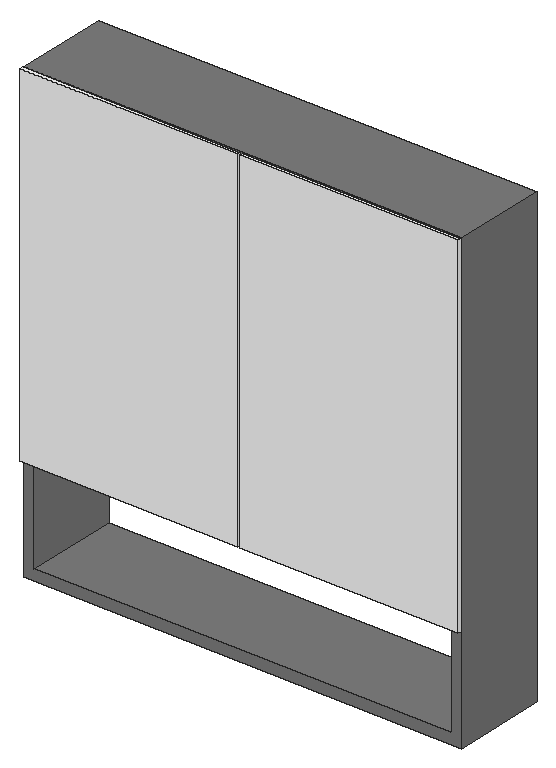
Revit family "Life Mirror Cabinet_", category Casework, Revit 2012
Parameters (values of type "2000-5003")
  URL = "www.korpinen.com"
  Model = "2000-5003 Life MIrror Cabinet"
  Material = Glossy Grey
  Manufacturer = "Korpinen Oy"
  Istallation Height [instance] = 1170 mm
  Depth = 0 mm
  Height = 730 mm
  Width = 0 mm
Reference planes
  plane 1 "Back": y = 0
  plane 2: z = 0
  plane 3 "Center (Left/Right)": x = 44.7
  plane 4 "Bottom": z = 1170
  plane 5: z = 1900
Forms (mm)
  Extrusion 1, solid, material "Glossy Grey" <- "Material"
    sketch origin (-85.265, 0, 0) x (1, 0, 0) y (0, 1, 0)
      loop
        line (-220.035, 0) -> (-220.035, -150) -> (-204.035, -150) -> (-204.035, 0) -> (-220.035, 0)
      loop
        line (479.965, 0) -> (463.965, 0) -> (463.965, -150) -> (479.965, -150) -> (479.965, 0)
    from 1170 to 1900
  Extrusion 2, solid, material "Mirror"
    sketch origin (16.142, -14.142, 0) x (1, 0, 0) y (0, 1, 0)
      loop
        line (378.558, -137.858) -> (30.558, -137.858) -> (30.558, -142.858) -> (378.558, -142.858) -> (378.558, -137.858)
      loop
        line (-321.442, -137.858) -> (-321.442, -142.858) -> (26.558, -142.858) -> (26.558, -137.858) -> (-321.442, -137.858)
    from 1338 to 1900
  Extrusion 3, solid, material "Glossy Grey" <- "Material"
    sketch origin (0, 0, 1170) x (0, -1, 0) y (1, 0, 0)
      loop
        line (150, -289.3) -> (150, 378.7) -> (0, 378.7) -> (0, -289.3) -> (150, -289.3)
    from 0 to 16
  Extrusion 4, solid, material "Glossy Grey" <- "Material"
    sketch origin (0, 0, 1884) x (0, -1, 0) y (1, 0, 0)
      loop
        line (150, -289.3) -> (150, 378.7) -> (0, 378.7) -> (0, -289.3) -> (150, -289.3)
    from 0 to 16
  Extrusion 5, solid, material "Glossy Grey" <- "Material"
    sketch origin (0, 0, 1339) x (0, -1, 0) y (1, 0, 0)
      loop
        line (150, -289.3) -> (150, 378.7) -> (0, 378.7) -> (0, -289.3) -> (150, -289.3)
    from -1 to 15
Cuts and joins
  joined: Extrusion 1, Extrusion 3, Extrusion 4, Extrusion 5
Lines and regions (mm)
  symbolic lines, style "Above Cutting Plane"
    curve 1: line (394.7, 0, 0) -> (394.7, -157, 0)
    curve 2: line (394.7, -157, 0) -> (-305.3, -157, 0)
    curve 3: line (-305.3, -157, 0) -> (-305.3, 0, 0)
  symbolic lines, style "Above Cutting Plane", detail levels fine
    curve 4: line (-305.3, -157, 0) -> (-11.765, -347.624, 0)
    curve 5: arc (-11.765, -347.624, 0) -> (30.287, -256.405, 0) -> (44.7, -157, 0) r 350
    curve 6: line (394.7, -157, 0) -> (101.166, -347.624, 0)
    curve 7: arc (101.166, -347.624, 0) -> (59.113, -256.405, 0) -> (44.7, -157, 0) r 350
Dimensions and locks
  "Istallation Height": level to plane 4 "Bottom"
  "Height": plane 4 "Bottom" to plane 5
  locked: Extrusion 2 to plane 5 at 562
  cut or joined group of Extrusion 1, Extrusion 3, Extrusion 4, Extrusion 5 to cut or joined group of Extrusion 1, Extrusion 3, Extrusion 4, Extrusion 5 to cut or joined group of Extrusion 1, Extrusion 3, Extrusion 4, Extrusion 5 to plane 5 = 16 mm locked, 530 mm locked, 16 mm locked
  locked: plane 4 "Bottom" to cut or joined group of Extrusion 1, Extrusion 3, Extrusion 4, Extrusion 5 at 16
  aligned and locked: level to plane 2
  aligned and locked: plane 4 "Bottom" to Extrusion 1
  aligned and locked: Extrusion 2 to Extrusion 1
  aligned and locked: Extrusion 1 to plane 5
  aligned and locked: Extrusion 5 to Extrusion 2
  aligned and locked: Extrusion 4 to Extrusion 1
Automatic sketch dimensions
  plane 1 "Back" to Extrusion 2 sketch curve = 157 mm  (x2)
  Extrusion 2 sketch curve to plane 3 "Center (Left/Right)" = 350 mm
  Extrusion 2 sketch curve to plane 3 "Center (Left/Right)" = 2 mm
  plane 3 "Center (Left/Right)" to Extrusion 2 sketch curve = 2 mm
  Extrusion 2 sketch curve to Extrusion 2 sketch curve = 348 mm
  Extrusion 2 sketch curve to Extrusion 2 sketch curve = 5 mm  (x2)
  plane 1 "Back" to Extrusion 3 sketch curve = 0 mm
  Extrusion 3 sketch curve to Extrusion 3 sketch curve = 150 mm
  Extrusion 3 sketch curve to plane 3 "Center (Left/Right)" = 334 mm
  plane 3 "Center (Left/Right)" to Extrusion 3 sketch curve = 334 mm
  plane 1 "Back" to Extrusion 4 sketch curve = 0 mm
  Extrusion 4 sketch curve to Extrusion 4 sketch curve = 150 mm
  Extrusion 4 sketch curve to plane 3 "Center (Left/Right)" = 334 mm
  plane 3 "Center (Left/Right)" to Extrusion 4 sketch curve = 334 mm
  plane 1 "Back" to Extrusion 5 sketch curve = 0 mm
  Extrusion 5 sketch curve to Extrusion 5 sketch curve = 150 mm
  Extrusion 5 sketch curve to plane 3 "Center (Left/Right)" = 334 mm
  plane 3 "Center (Left/Right)" to Extrusion 5 sketch curve = 334 mm
  plane 1 "Back" to Extrusion 1 sketch curve = 0 mm  (x2)
  Extrusion 1 sketch curve to plane 3 "Center (Left/Right)" = 350 mm
  Extrusion 1 sketch curve to Extrusion 1 sketch curve = 16 mm  (x2)
  plane 3 "Center (Left/Right)" to Extrusion 1 sketch curve = 334 mm
  Extrusion 1 sketch curve to Extrusion 1 sketch curve = 150 mm
  plane 1 "Back" to Extrusion 1 sketch curve = 150 mm
  plane 1 "Back" to curve 3 = 0 mm
  curve 5 to plane 3 "Center (Left/Right)" = 0 mm
  curve 7 to plane 3 "Center (Left/Right)" = 0 mm
  plane 1 "Back" to curve 1 = 0 mm
  curve 4 to plane 3 "Center (Left/Right)" = 56.465 mm
  plane 1 "Back" to curve 5 = 157 mm
  curve 5 to curve 5 = 293.535 mm
  curve 3 to curve 5 = 0 mm
  plane 3 "Center (Left/Right)" to curve 6 = 56.465 mm
  curve 7 to curve 6 = 293.535 mm
  curve 7 to curve 6 = 0 mm
